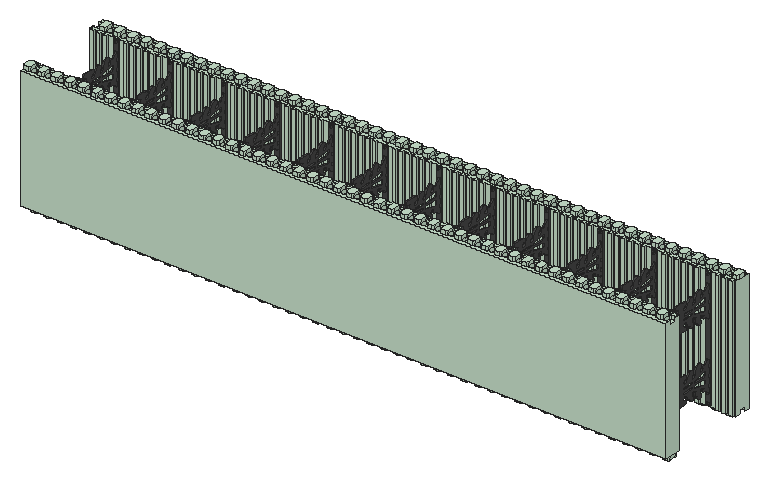
Revit family
Parameters (values of type "Standard 6" Form Unit")
  Core Thickness = 0' - 6"
Reference planes (in)
  plane 1 "Center (Front/Back)": y = 0
  plane 2: z = 0
  plane 3 "Center (Left/Right)": x = 0
  plane 4: x = 96
  plane 5: y = 5
  plane 6: y = -5
  plane 7: y = 7.625
  plane 8: y = -7.625
  plane 9: z = 18
  plane 10: z = 18.5
  plane 11: z = -0.5
Forms (in)
  Extrusion 1, solid, material "NUDURA Expanded Polystyrene Foam Insulation"
    sketch origin (0, 0, 0) x (1, 0, 0) y (0, 1, 0)
      loop
        line (0.28117, 5.25) -> (0.21883, 5) -> (0.78117, 5) -> (0.71883, 5.25) -> (1.28117, 5.25) -> (1.21883, 5) -> (1.78117, 5) -> (1.71883, 5.25) -> (2.28117, 5.25) -> (2.21883, 5) -> (2.78117, 5) -> (2.71883, 5.25) -> (5.28117, 5.25) -> (5.21883, 5) -> (5.78117, 5) -> (5.71883, 5.25) -> (6.28117, 5.25) -> (6.21883, 5) -> (6.78117, 5) -> (6.71883, 5.25) -> (7.28117, 5.25) -> (7.21883, 5) -> (7.78117, 5) -> (7.71883, 5.25) -> (8.28117, 5.25) -> (8.21883, 5) -> (8.78117, 5) -> (8.71883, 5.25) -> (9.28117, 5.25) -> (9.21883, 5) -> (9.78117, 5) -> (9.71883, 5.25) -> (10.28117, 5.25) -> (10.21883, 5) -> (10.78117, 5) -> (10.71883, 5.25) -> (13.28117, 5.25) -> (13.21883, 5) -> (13.78117, 5) -> (13.71883, 5.25) -> (14.28117, 5.25) -> (14.21883, 5) -> (14.78117, 5) -> (14.71883, 5.25) -> (15.28117, 5.25) -> (15.21883, 5) -> (15.78117, 5) -> (15.71883, 5.25) -> (16.28117, 5.25) -> (16.21883, 5) -> (16.78117, 5) -> (16.71883, 5.25) -> (17.28117, 5.25) -> (17.21883, 5) -> (17.78117, 5) -> (17.71883, 5.25) -> (18.28117, 5.25) -> (18.21883, 5) -> (18.78117, 5) -> (18.71883, 5.25) -> (21.28117, 5.25) -> (21.21883, 5) -> (21.78117, 5) -> (21.71883, 5.25) -> (22.28117, 5.25) -> (22.21883, 5) -> (22.78117, 5) -> (22.71883, 5.25) -> (23.28117, 5.25) -> (23.21883, 5) -> (23.78117, 5) -> (23.71883, 5.25) -> (24.28117, 5.25) -> (24.21883, 5) -> (24.78117, 5) -> (24.71883, 5.25) -> (25.28117, 5.25) -> (25.21883, 5) -> (25.78117, 5) -> (25.71883, 5.25) -> (26.28117, 5.25) -> (26.21883, 5) -> (26.78117, 5) -> (26.71883, 5.25) -> (29.28117, 5.25) -> (29.21883, 5) -> (29.78117, 5) -> (29.71883, 5.25) -> (30.28117, 5.25) -> (30.21883, 5) -> (30.78117, 5) -> (30.71883, 5.25) -> (31.28117, 5.25) -> (31.21883, 5) -> (31.78117, 5) -> (31.71883, 5.25) -> (32.28117, 5.25) -> (32.21883, 5) -> (32.78117, 5) -> (32.71883, 5.25) -> (33.28117, 5.25) -> (33.21883, 5) -> (33.78117, 5) -> (33.71883, 5.25) -> (34.28117, 5.25) -> (34.21883, 5) -> (34.78117, 5) -> (34.71883, 5.25) -> (37.28117, 5.25) -> (37.21883, 5) -> (37.78117, 5) -> (37.71883, 5.25) -> (38.28117, 5.25) -> (38.21883, 5) -> (38.78117, 5) -> (38.71883, 5.25) -> (39.28117, 5.25) -> (39.21883, 5) -> (39.78117, 5) -> (39.71883, 5.25) -> (40.28117, 5.25) -> (40.21883, 5) -> (40.78117, 5) -> (40.71883, 5.25) -> (41.28117, 5.25) -> (41.21883, 5) -> (41.78117, 5) -> (41.71883, 5.25) -> (42.28117, 5.25) -> (42.21883, 5) -> (42.78117, 5) -> (42.71883, 5.25) -> (45.28117, 5.25) -> (45.21883, 5) -> (45.78117, 5) -> (45.71883, 5.25) -> (46.28117, 5.25) -> (46.21883, 5) -> (46.78117, 5) -> (46.71883, 5.25) -> (47.28117, 5.25) -> (47.21883, 5) -> (47.78117, 5) -> (47.71883, 5.25) -> (48.28117, 5.25) -> (48.21883, 5) -> (48.78117, 5) -> (48.71883, 5.25) -> (49.28117, 5.25) -> (49.21883, 5) -> (49.78117, 5) -> (49.71883, 5.25) -> (50.28117, 5.25) -> (50.21883, 5) -> (50.78117, 5) -> (50.71883, 5.25) -> (53.28117, 5.25) -> (53.21883, 5) -> (53.78117, 5) -> (53.71883, 5.25) -> (54.28117, 5.25) -> (54.21883, 5) -> (54.78117, 5) -> (54.71883, 5.25) -> (55.28117, 5.25) -> (55.21883, 5) -> (55.78117, 5) -> (55.71883, 5.25) -> (56.28117, 5.25) -> (56.21883, 5) -> (56.78117, 5) -> (56.71883, 5.25) -> (57.28117, 5.25) -> (57.21883, 5) -> (57.78117, 5) -> (57.71883, 5.25) -> (58.28117, 5.25) -> (58.21883, 5) -> (58.78117, 5) -> (58.71883, 5.25) -> (61.28117, 5.25) -> (61.21883, 5) -> (61.78117, 5) -> (61.71883, 5.25) -> (62.28117, 5.25) -> (62.21883, 5) -> (62.78117, 5) -> (62.71883, 5.25) -> (63.28117, 5.25) -> (63.21883, 5) -> (63.78117, 5) -> (63.71883, 5.25) -> (64.28117, 5.25) -> (64.21883, 5) -> (64.78117, 5) -> (64.71883, 5.25) -> (65.28117, 5.25) -> (65.21883, 5) -> (65.78117, 5) -> (65.71883, 5.25) -> (66.28117, 5.25) -> (66.21883, 5) -> (66.78117, 5) -> (66.71883, 5.25) -> (69.28117, 5.25) -> (69.21883, 5) -> (69.78117, 5) -> (69.71883, 5.25) -> (70.28117, 5.25) -> (70.21883, 5) -> (70.78117, 5) -> (70.71883, 5.25) -> (71.28117, 5.25) -> (71.21883, 5) -> (71.78117, 5) -> (71.71883, 5.25) -> (72.28117, 5.25) -> (72.21883, 5) -> (72.78117, 5) -> (72.71883, 5.25) -> (73.28117, 5.25) -> (73.21883, 5) -> (73.78117, 5) -> (73.71883, 5.25) -> (74.28117, 5.25) -> (74.21883, 5) -> (74.78117, 5) -> (74.71883, 5.25) -> (77.28117, 5.25) -> (77.21883, 5) -> (77.78117, 5) -> (77.71883, 5.25) -> (78.28117, 5.25) -> (78.21883, 5) -> (78.78117, 5) -> (78.71883, 5.25) -> (79.28117, 5.25) -> (79.21883, 5) -> (79.78117, 5) -> (79.71883, 5.25) -> (80.28117, 5.25) -> (80.21883, 5) -> (80.78117, 5) -> (80.71883, 5.25) -> (81.28117, 5.25) -> (81.21883, 5) -> (81.78117, 5) -> (81.71883, 5.25) -> (82.28117, 5.25) -> (82.21883, 5) -> (82.78117, 5) -> (82.71883, 5.25) -> (85.28117, 5.25) -> (85.21883, 5) -> (85.78117, 5) -> (85.71883, 5.25) -> (86.28117, 5.25) -> (86.21883, 5) -> (86.78117, 5) -> (86.71883, 5.25) -> (87.28117, 5.25) -> (87.21883, 5) -> (87.78117, 5) -> (87.71883, 5.25) -> (88.28117, 5.25) -> (88.21883, 5) -> (88.78117, 5) -> (88.71883, 5.25) -> (89.28117, 5.25) -> (89.21883, 5) -> (89.78117, 5) -> (89.71883, 5.25) -> (90.28117, 5.25) -> (90.21883, 5) -> (90.78117, 5) -> (90.71883, 5.25) -> (93.28117, 5.25) -> (93.21883, 5) -> (93.78117, 5) -> (93.71883, 5.25) -> (94.28117, 5.25) -> (94.21883, 5) -> (94.78117, 5) -> (94.71883, 5.25) -> (95.28117, 5.25) -> (95.21883, 5) -> (95.78117, 5) -> (95.71883, 5.25) -> (96, 5.25) -> (96, 7.625) -> (0, 7.625) -> (0, 5.25) -> (0.28117, 5.25)
      loop
        line (0.28117, -5.25) -> (0, -5.25) -> (0, -7.625) -> (96, -7.625) -> (96, -5.25) -> (95.71883, -5.25) -> (95.78117, -5) -> (95.21883, -5) -> (95.28117, -5.25) -> (94.71883, -5.25) -> (94.78117, -5) -> (94.21883, -5) -> (94.28117, -5.25) -> (93.71883, -5.25) -> (93.78117, -5) -> (93.21883, -5) -> (93.28117, -5.25) -> (90.71883, -5.25) -> (90.78117, -5) -> (90.21883, -5) -> (90.28117, -5.25) -> (89.71883, -5.25) -> (89.78117, -5) -> (89.21883, -5) -> (89.28117, -5.25) -> (88.71883, -5.25) -> (88.78117, -5) -> (88.21883, -5) -> (88.28117, -5.25) -> (87.71883, -5.25) -> (87.78117, -5) -> (87.21883, -5) -> (87.28117, -5.25) -> (86.71883, -5.25) -> (86.78117, -5) -> (86.21883, -5) -> (86.28117, -5.25) -> (85.71883, -5.25) -> (85.78117, -5) -> (85.21883, -5) -> (85.28117, -5.25) -> (82.71883, -5.25) -> (82.78117, -5) -> (82.21883, -5) -> (82.28117, -5.25) -> (81.71883, -5.25) -> (81.78117, -5) -> (81.21883, -5) -> (81.28117, -5.25) -> (80.71883, -5.25) -> (80.78117, -5) -> (80.21883, -5) -> (80.28117, -5.25) -> (79.71883, -5.25) -> (79.78117, -5) -> (79.21883, -5) -> (79.28117, -5.25) -> (78.71883, -5.25) -> (78.78117, -5) -> (78.21883, -5) -> (78.28117, -5.25) -> (77.71883, -5.25) -> (77.78117, -5) -> (77.21883, -5) -> (77.28117, -5.25) -> (74.71883, -5.25) -> (74.78117, -5) -> (74.21883, -5) -> (74.28117, -5.25) -> (73.71883, -5.25) -> (73.78117, -5) -> (73.21883, -5) -> (73.28117, -5.25) -> (72.71883, -5.25) -> (72.78117, -5) -> (72.21883, -5) -> (72.28117, -5.25) -> (71.71883, -5.25) -> (71.78117, -5) -> (71.21883, -5) -> (71.28117, -5.25) -> (70.71883, -5.25) -> (70.78117, -5) -> (70.21883, -5) -> (70.28117, -5.25) -> (69.71883, -5.25) -> (69.78117, -5) -> (69.21883, -5) -> (69.28117, -5.25) -> (66.71883, -5.25) -> (66.78117, -5) -> (66.21883, -5) -> (66.28117, -5.25) -> (65.71883, -5.25) -> (65.78117, -5) -> (65.21883, -5) -> (65.28117, -5.25) -> (64.71883, -5.25) -> (64.78117, -5) -> (64.21883, -5) -> (64.28117, -5.25) -> (63.71883, -5.25) -> (63.78117, -5) -> (63.21883, -5) -> (63.28117, -5.25) -> (62.71883, -5.25) -> (62.78117, -5) -> (62.21883, -5) -> (62.28117, -5.25) -> (61.71883, -5.25) -> (61.78117, -5) -> (61.21883, -5) -> (61.28117, -5.25) -> (58.71883, -5.25) -> (58.78117, -5) -> (58.21883, -5) -> (58.28117, -5.25) -> (57.71883, -5.25) -> (57.78117, -5) -> (57.21883, -5) -> (57.28117, -5.25) -> (56.71883, -5.25) -> (56.78117, -5) -> (56.21883, -5) -> (56.28117, -5.25) -> (55.71883, -5.25) -> (55.78117, -5) -> (55.21883, -5) -> (55.28117, -5.25) -> (54.71883, -5.25) -> (54.78117, -5) -> (54.21883, -5) -> (54.28117, -5.25) -> (53.71883, -5.25) -> (53.78117, -5) -> (53.21883, -5) -> (53.28117, -5.25) -> (50.71883, -5.25) -> (50.78117, -5) -> (50.21883, -5) -> (50.28117, -5.25) -> (49.71883, -5.25) -> (49.78117, -5) -> (49.21883, -5) -> (49.28117, -5.25) -> (48.71883, -5.25) -> (48.78117, -5) -> (48.21883, -5) -> (48.28117, -5.25) -> (47.71883, -5.25) -> (47.78117, -5) -> (47.21883, -5) -> (47.28117, -5.25) -> (46.71883, -5.25) -> (46.78117, -5) -> (46.21883, -5) -> (46.28117, -5.25) -> (45.71883, -5.25) -> (45.78117, -5) -> (45.21883, -5) -> (45.28117, -5.25) -> (42.71883, -5.25) -> (42.78117, -5) -> (42.21883, -5) -> (42.28117, -5.25) -> (41.71883, -5.25) -> (41.78117, -5) -> (41.21883, -5) -> (41.28117, -5.25) -> (40.71883, -5.25) -> (40.78117, -5) -> (40.21883, -5) -> (40.28117, -5.25) -> (39.71883, -5.25) -> (39.78117, -5) -> (39.21883, -5) -> (39.28117, -5.25) -> (38.71883, -5.25) -> (38.78117, -5) -> (38.21883, -5) -> (38.28117, -5.25) -> (37.71883, -5.25) -> (37.78117, -5) -> (37.21883, -5) -> (37.28117, -5.25) -> (34.71883, -5.25) -> (34.78117, -5) -> (34.21883, -5) -> (34.28117, -5.25) -> (33.71883, -5.25) -> (33.78117, -5) -> (33.21883, -5) -> (33.28117, -5.25) -> (32.71883, -5.25) -> (32.78117, -5) -> (32.21883, -5) -> (32.28117, -5.25) -> (31.71883, -5.25) -> (31.78117, -5) -> (31.21883, -5) -> (31.28117, -5.25) -> (30.71883, -5.25) -> (30.78117, -5) -> (30.21883, -5) -> (30.28117, -5.25) -> (29.71883, -5.25) -> (29.78117, -5) -> (29.21883, -5) -> (29.28117, -5.25) -> (26.71883, -5.25) -> (26.78117, -5) -> (26.21883, -5) -> (26.28117, -5.25) -> (25.71883, -5.25) -> (25.78117, -5) -> (25.21883, -5) -> (25.28117, -5.25) -> (24.71883, -5.25) -> (24.78117, -5) -> (24.21883, -5) -> (24.28117, -5.25) -> (23.71883, -5.25) -> (23.78117, -5) -> (23.21883, -5) -> (23.28117, -5.25) -> (22.71883, -5.25) -> (22.78117, -5) -> (22.21883, -5) -> (22.28117, -5.25) -> (21.71883, -5.25) -> (21.78117, -5) -> (21.21883, -5) -> (21.28117, -5.25) -> (18.71883, -5.25) -> (18.78117, -5) -> (18.21883, -5) -> (18.28117, -5.25) -> (17.71883, -5.25) -> (17.78117, -5) -> (17.21883, -5) -> (17.28117, -5.25) -> (16.71883, -5.25) -> (16.78117, -5) -> (16.21883, -5) -> (16.28117, -5.25) -> (15.71883, -5.25) -> (15.78117, -5) -> (15.21883, -5) -> (15.28117, -5.25) -> (14.71883, -5.25) -> (14.78117, -5) -> (14.21883, -5) -> (14.28117, -5.25) -> (13.71883, -5.25) -> (13.78117, -5) -> (13.21883, -5) -> (13.28117, -5.25) -> (10.71883, -5.25) -> (10.78117, -5) -> (10.21883, -5) -> (10.28117, -5.25) -> (9.71883, -5.25) -> (9.78117, -5) -> (9.21883, -5) -> (9.28117, -5.25) -> (8.71883, -5.25) -> (8.78117, -5) -> (8.21883, -5) -> (8.28117, -5.25) -> (7.71883, -5.25) -> (7.78117, -5) -> (7.21883, -5) -> (7.28117, -5.25) -> (6.71883, -5.25) -> (6.78117, -5) -> (6.21883, -5) -> (6.28117, -5.25) -> (5.71883, -5.25) -> (5.78117, -5) -> (5.21883, -5) -> (5.28117, -5.25) -> (2.71883, -5.25) -> (2.78117, -5) -> (2.21883, -5) -> (2.28117, -5.25) -> (1.71883, -5.25) -> (1.78117, -5) -> (1.21883, -5) -> (1.28117, -5.25) -> (0.71883, -5.25) -> (0.78117, -5) -> (0.21883, -5) -> (0.28117, -5.25)
    from 0 to 18
  Extrusion 2, void
    sketch origin (0, -2, 0) x (1, 0, 0) y (0, 1, 0)
      loop
        arc (1, -4.89808) -> (1.04785, -5.04517) -> (1.17308, -5.13595) r 0.25
        arc (1.17308, -5.13595) -> (1.5, -5.1875) -> (1.82692, -5.13595) r 1.0625
        arc (1.82692, -5.13595) -> (1.95215, -5.04517) -> (2, -4.89808) r 0.25
        line (2, -4.89808) -> (2, -3.97692)
        arc (2, -3.97692) -> (1.98276, -3.88568) -> (1.9334, -3.80702) r 0.25
        arc (1.9334, -3.80702) -> (1.92106, -3.78736) -> (1.91675, -3.76455) r 0.0625
        line (1.91675, -3.76455) -> (1.91675, -3.41845) -> (1.74592, -3.41845) -> (1.74592, -3.64005)
        arc (1.74592, -3.64005) -> (1.72385, -3.68771) -> (1.67323, -3.70172) r 0.0625
        arc (1.67323, -3.70172) -> (1.42092, -3.69045) -> (1.17308, -3.73905) r 1.0625
        arc (1.17308, -3.73905) -> (1.04785, -3.82983) -> (1, -3.97692) r 0.25
        line (1, -3.97692) -> (1, -4.89808)
    from 18 to 17.5
  Extrusion 3, void
    sketch origin (2, -2, 0) x (1, 0, 0) y (0, 1, 0)
      loop
        arc (1, -4.89808) -> (1.04785, -5.04517) -> (1.17308, -5.13595) r 0.25
        arc (1.17308, -5.13595) -> (1.5, -5.1875) -> (1.82692, -5.13595) r 1.0625
        arc (1.82692, -5.13595) -> (1.95215, -5.04517) -> (2, -4.89808) r 0.25
        line (2, -4.89808) -> (2, -3.97692)
        arc (2, -3.97692) -> (1.98276, -3.88568) -> (1.9334, -3.80702) r 0.25
        arc (1.9334, -3.80702) -> (1.92106, -3.78736) -> (1.91675, -3.76455) r 0.0625
        line (1.91675, -3.76455) -> (1.91675, -3.41845) -> (1.74592, -3.41845) -> (1.74592, -3.64005)
        arc (1.74592, -3.64005) -> (1.72385, -3.68771) -> (1.67323, -3.70172) r 0.0625
        arc (1.67323, -3.70172) -> (1.42092, -3.69045) -> (1.17308, -3.73905) r 1.0625
        arc (1.17308, -3.73905) -> (1.04785, -3.82983) -> (1, -3.97692) r 0.25
        line (1, -3.97692) -> (1, -4.89808)
    from 18 to 17.5
  Extrusion 4, void
    sketch origin (4, -2, 0) x (1, 0, 0) y (0, 1, 0)
      loop
        arc (1, -4.89808) -> (1.04785, -5.04517) -> (1.17308, -5.13595) r 0.25
        arc (1.17308, -5.13595) -> (1.5, -5.1875) -> (1.82692, -5.13595) r 1.0625
        arc (1.82692, -5.13595) -> (1.95215, -5.04517) -> (2, -4.89808) r 0.25
        line (2, -4.89808) -> (2, -3.97692)
        arc (2, -3.97692) -> (1.98276, -3.88568) -> (1.9334, -3.80702) r 0.25
        arc (1.9334, -3.80702) -> (1.92106, -3.78736) -> (1.91675, -3.76455) r 0.0625
        line (1.91675, -3.76455) -> (1.91675, -3.41845) -> (1.74592, -3.41845) -> (1.74592, -3.64005)
        arc (1.74592, -3.64005) -> (1.72385, -3.68771) -> (1.67323, -3.70172) r 0.0625
        arc (1.67323, -3.70172) -> (1.42092, -3.69045) -> (1.17308, -3.73905) r 1.0625
        arc (1.17308, -3.73905) -> (1.04785, -3.82983) -> (1, -3.97692) r 0.25
        line (1, -3.97692) -> (1, -4.89808)
    from 18 to 17.5
  Extrusion 5, void
    sketch origin (6, -2, 0) x (1, 0, 0) y (0, 1, 0)
      loop
        arc (1, -4.89808) -> (1.04785, -5.04517) -> (1.17308, -5.13595) r 0.25
        arc (1.17308, -5.13595) -> (1.5, -5.1875) -> (1.82692, -5.13595) r 1.0625
        arc (1.82692, -5.13595) -> (1.95215, -5.04517) -> (2, -4.89808) r 0.25
        line (2, -4.89808) -> (2, -3.97692)
        arc (2, -3.97692) -> (1.98276, -3.88568) -> (1.9334, -3.80702) r 0.25
        arc (1.9334, -3.80702) -> (1.92106, -3.78736) -> (1.91675, -3.76455) r 0.0625
        line (1.91675, -3.76455) -> (1.91675, -3.41845) -> (1.74592, -3.41845) -> (1.74592, -3.64005)
        arc (1.74592, -3.64005) -> (1.72385, -3.68771) -> (1.67323, -3.70172) r 0.0625
        arc (1.67323, -3.70172) -> (1.42092, -3.69045) -> (1.17308, -3.73905) r 1.0625
        arc (1.17308, -3.73905) -> (1.04785, -3.82983) -> (1, -3.97692) r 0.25
        line (1, -3.97692) -> (1, -4.89808)
    from 18 to 17.5
  Extrusion 6, void
    sketch origin (8, -2, 0) x (1, 0, 0) y (0, 1, 0)
      loop
        arc (1, -4.89808) -> (1.04785, -5.04517) -> (1.17308, -5.13595) r 0.25
        arc (1.17308, -5.13595) -> (1.5, -5.1875) -> (1.82692, -5.13595) r 1.0625
        arc (1.82692, -5.13595) -> (1.95215, -5.04517) -> (2, -4.89808) r 0.25
        line (2, -4.89808) -> (2, -3.97692)
        arc (2, -3.97692) -> (1.98276, -3.88568) -> (1.9334, -3.80702) r 0.25
        arc (1.9334, -3.80702) -> (1.92106, -3.78736) -> (1.91675, -3.76455) r 0.0625
        line (1.91675, -3.76455) -> (1.91675, -3.41845) -> (1.74592, -3.41845) -> (1.74592, -3.64005)
        arc (1.74592, -3.64005) -> (1.72385, -3.68771) -> (1.67323, -3.70172) r 0.0625
        arc (1.67323, -3.70172) -> (1.42092, -3.69045) -> (1.17308, -3.73905) r 1.0625
        arc (1.17308, -3.73905) -> (1.04785, -3.82983) -> (1, -3.97692) r 0.25
        line (1, -3.97692) -> (1, -4.89808)
    from 18 to 17.5
  Extrusion 7, void
    sketch origin (10, -2, 0) x (1, 0, 0) y (0, 1, 0)
      loop
        arc (1, -4.89808) -> (1.04785, -5.04517) -> (1.17308, -5.13595) r 0.25
        arc (1.17308, -5.13595) -> (1.5, -5.1875) -> (1.82692, -5.13595) r 1.0625
        arc (1.82692, -5.13595) -> (1.95215, -5.04517) -> (2, -4.89808) r 0.25
        line (2, -4.89808) -> (2, -3.97692)
        arc (2, -3.97692) -> (1.98276, -3.88568) -> (1.9334, -3.80702) r 0.25
        arc (1.9334, -3.80702) -> (1.92106, -3.78736) -> (1.91675, -3.76455) r 0.0625
        line (1.91675, -3.76455) -> (1.91675, -3.41845) -> (1.74592, -3.41845) -> (1.74592, -3.64005)
        arc (1.74592, -3.64005) -> (1.72385, -3.68771) -> (1.67323, -3.70172) r 0.0625
        arc (1.67323, -3.70172) -> (1.42092, -3.69045) -> (1.17308, -3.73905) r 1.0625
        arc (1.17308, -3.73905) -> (1.04785, -3.82983) -> (1, -3.97692) r 0.25
        line (1, -3.97692) -> (1, -4.89808)
    from 18 to 17.5
  Extrusion 8, void
    sketch origin (12, -2, 0) x (1, 0, 0) y (0, 1, 0)
      loop
        arc (1, -4.89808) -> (1.04785, -5.04517) -> (1.17308, -5.13595) r 0.25
        arc (1.17308, -5.13595) -> (1.5, -5.1875) -> (1.82692, -5.13595) r 1.0625
        arc (1.82692, -5.13595) -> (1.95215, -5.04517) -> (2, -4.89808) r 0.25
        line (2, -4.89808) -> (2, -3.97692)
        arc (2, -3.97692) -> (1.98276, -3.88568) -> (1.9334, -3.80702) r 0.25
        arc (1.9334, -3.80702) -> (1.92106, -3.78736) -> (1.91675, -3.76455) r 0.0625
        line (1.91675, -3.76455) -> (1.91675, -3.41845) -> (1.74592, -3.41845) -> (1.74592, -3.64005)
        arc (1.74592, -3.64005) -> (1.72385, -3.68771) -> (1.67323, -3.70172) r 0.0625
        arc (1.67323, -3.70172) -> (1.42092, -3.69045) -> (1.17308, -3.73905) r 1.0625
        arc (1.17308, -3.73905) -> (1.04785, -3.82983) -> (1, -3.97692) r 0.25
        line (1, -3.97692) -> (1, -4.89808)
    from 18 to 17.5
  Extrusion 9, void
    sketch origin (14, -2, 0) x (1, 0, 0) y (0, 1, 0)
      loop
        arc (1, -4.89808) -> (1.04785, -5.04517) -> (1.17308, -5.13595) r 0.25
        arc (1.17308, -5.13595) -> (1.5, -5.1875) -> (1.82692, -5.13595) r 1.0625
        arc (1.82692, -5.13595) -> (1.95215, -5.04517) -> (2, -4.89808) r 0.25
        line (2, -4.89808) -> (2, -3.97692)
        arc (2, -3.97692) -> (1.98276, -3.88568) -> (1.9334, -3.80702) r 0.25
        arc (1.9334, -3.80702) -> (1.92106, -3.78736) -> (1.91675, -3.76455) r 0.0625
        line (1.91675, -3.76455) -> (1.91675, -3.41845) -> (1.74592, -3.41845) -> (1.74592, -3.64005)
        arc (1.74592, -3.64005) -> (1.72385, -3.68771) -> (1.67323, -3.70172) r 0.0625
        arc (1.67323, -3.70172) -> (1.42092, -3.69045) -> (1.17308, -3.73905) r 1.0625
        arc (1.17308, -3.73905) -> (1.04785, -3.82983) -> (1, -3.97692) r 0.25
        line (1, -3.97692) -> (1, -4.89808)
    from 18 to 17.5
  Extrusion 10, void
    sketch origin (16, -2, 0) x (1, 0, 0) y (0, 1, 0)
      loop
        arc (1, -4.89808) -> (1.04785, -5.04517) -> (1.17308, -5.13595) r 0.25
        arc (1.17308, -5.13595) -> (1.5, -5.1875) -> (1.82692, -5.13595) r 1.0625
        arc (1.82692, -5.13595) -> (1.95215, -5.04517) -> (2, -4.89808) r 0.25
        line (2, -4.89808) -> (2, -3.97692)
        arc (2, -3.97692) -> (1.98276, -3.88568) -> (1.9334, -3.80702) r 0.25
        arc (1.9334, -3.80702) -> (1.92106, -3.78736) -> (1.91675, -3.76455) r 0.0625
        line (1.91675, -3.76455) -> (1.91675, -3.41845) -> (1.74592, -3.41845) -> (1.74592, -3.64005)
        arc (1.74592, -3.64005) -> (1.72385, -3.68771) -> (1.67323, -3.70172) r 0.0625
        arc (1.67323, -3.70172) -> (1.42092, -3.69045) -> (1.17308, -3.73905) r 1.0625
        arc (1.17308, -3.73905) -> (1.04785, -3.82983) -> (1, -3.97692) r 0.25
        line (1, -3.97692) -> (1, -4.89808)
    from 18 to 17.5
  Extrusion 11, void
    sketch origin (18, -2, 0) x (1, 0, 0) y (0, 1, 0)
      loop
        arc (1, -4.89808) -> (1.04785, -5.04517) -> (1.17308, -5.13595) r 0.25
        arc (1.17308, -5.13595) -> (1.5, -5.1875) -> (1.82692, -5.13595) r 1.0625
        arc (1.82692, -5.13595) -> (1.95215, -5.04517) -> (2, -4.89808) r 0.25
        line (2, -4.89808) -> (2, -3.97692)
        arc (2, -3.97692) -> (1.98276, -3.88568) -> (1.9334, -3.80702) r 0.25
        arc (1.9334, -3.80702) -> (1.92106, -3.78736) -> (1.91675, -3.76455) r 0.0625
        line (1.91675, -3.76455) -> (1.91675, -3.41845) -> (1.74592, -3.41845) -> (1.74592, -3.64005)
        arc (1.74592, -3.64005) -> (1.72385, -3.68771) -> (1.67323, -3.70172) r 0.0625
        arc (1.67323, -3.70172) -> (1.42092, -3.69045) -> (1.17308, -3.73905) r 1.0625
        arc (1.17308, -3.73905) -> (1.04785, -3.82983) -> (1, -3.97692) r 0.25
        line (1, -3.97692) -> (1, -4.89808)
    from 18 to 17.5
  Extrusion 12, void
    sketch origin (20, -2, 0) x (1, 0, 0) y (0, 1, 0)
      loop
        arc (1, -4.89808) -> (1.04785, -5.04517) -> (1.17308, -5.13595) r 0.25
        arc (1.17308, -5.13595) -> (1.5, -5.1875) -> (1.82692, -5.13595) r 1.0625
        arc (1.82692, -5.13595) -> (1.95215, -5.04517) -> (2, -4.89808) r 0.25
        line (2, -4.89808) -> (2, -3.97692)
        arc (2, -3.97692) -> (1.98276, -3.88568) -> (1.9334, -3.80702) r 0.25
        arc (1.9334, -3.80702) -> (1.92106, -3.78736) -> (1.91675, -3.76455) r 0.0625
        line (1.91675, -3.76455) -> (1.91675, -3.41845) -> (1.74592, -3.41845) -> (1.74592, -3.64005)
        arc (1.74592, -3.64005) -> (1.72385, -3.68771) -> (1.67323, -3.70172) r 0.0625
        arc (1.67323, -3.70172) -> (1.42092, -3.69045) -> (1.17308, -3.73905) r 1.0625
        arc (1.17308, -3.73905) -> (1.04785, -3.82983) -> (1, -3.97692) r 0.25
        line (1, -3.97692) -> (1, -4.89808)
    from 18 to 17.5
  Extrusion 13, void
    sketch origin (22, -2, 0) x (1, 0, 0) y (0, 1, 0)
      loop
        arc (1, -4.89808) -> (1.04785, -5.04517) -> (1.17308, -5.13595) r 0.25
        arc (1.17308, -5.13595) -> (1.5, -5.1875) -> (1.82692, -5.13595) r 1.0625
        arc (1.82692, -5.13595) -> (1.95215, -5.04517) -> (2, -4.89808) r 0.25
        line (2, -4.89808) -> (2, -3.97692)
        arc (2, -3.97692) -> (1.98276, -3.88568) -> (1.9334, -3.80702) r 0.25
        arc (1.9334, -3.80702) -> (1.92106, -3.78736) -> (1.91675, -3.76455) r 0.0625
        line (1.91675, -3.76455) -> (1.91675, -3.41845) -> (1.74592, -3.41845) -> (1.74592, -3.64005)
        arc (1.74592, -3.64005) -> (1.72385, -3.68771) -> (1.67323, -3.70172) r 0.0625
        arc (1.67323, -3.70172) -> (1.42092, -3.69045) -> (1.17308, -3.73905) r 1.0625
        arc (1.17308, -3.73905) -> (1.04785, -3.82983) -> (1, -3.97692) r 0.25
        line (1, -3.97692) -> (1, -4.89808)
    from 18 to 17.5
  Extrusion 14, void
    sketch origin (24, -2, 0) x (1, 0, 0) y (0, 1, 0)
      loop
        arc (1, -4.89808) -> (1.04785, -5.04517) -> (1.17308, -5.13595) r 0.25
        arc (1.17308, -5.13595) -> (1.5, -5.1875) -> (1.82692, -5.13595) r 1.0625
        arc (1.82692, -5.13595) -> (1.95215, -5.04517) -> (2, -4.89808) r 0.25
        line (2, -4.89808) -> (2, -3.97692)
        arc (2, -3.97692) -> (1.98276, -3.88568) -> (1.9334, -3.80702) r 0.25
        arc (1.9334, -3.80702) -> (1.92106, -3.78736) -> (1.91675, -3.76455) r 0.0625
        line (1.91675, -3.76455) -> (1.91675, -3.41845) -> (1.74592, -3.41845) -> (1.74592, -3.64005)
        arc (1.74592, -3.64005) -> (1.72385, -3.68771) -> (1.67323, -3.70172) r 0.0625
        arc (1.67323, -3.70172) -> (1.42092, -3.69045) -> (1.17308, -3.73905) r 1.0625
        arc (1.17308, -3.73905) -> (1.04785, -3.82983) -> (1, -3.97692) r 0.25
        line (1, -3.97692) -> (1, -4.89808)
    from 18 to 17.5
  Extrusion 15, void
    sketch origin (26, -2, 0) x (1, 0, 0) y (0, 1, 0)
      loop
        arc (1, -4.89808) -> (1.04785, -5.04517) -> (1.17308, -5.13595) r 0.25
        arc (1.17308, -5.13595) -> (1.5, -5.1875) -> (1.82692, -5.13595) r 1.0625
        arc (1.82692, -5.13595) -> (1.95215, -5.04517) -> (2, -4.89808) r 0.25
        line (2, -4.89808) -> (2, -3.97692)
        arc (2, -3.97692) -> (1.98276, -3.88568) -> (1.9334, -3.80702) r 0.25
        arc (1.9334, -3.80702) -> (1.92106, -3.78736) -> (1.91675, -3.76455) r 0.0625
        line (1.91675, -3.76455) -> (1.91675, -3.41845) -> (1.74592, -3.41845) -> (1.74592, -3.64005)
        arc (1.74592, -3.64005) -> (1.72385, -3.68771) -> (1.67323, -3.70172) r 0.0625
        arc (1.67323, -3.70172) -> (1.42092, -3.69045) -> (1.17308, -3.73905) r 1.0625
        arc (1.17308, -3.73905) -> (1.04785, -3.82983) -> (1, -3.97692) r 0.25
        line (1, -3.97692) -> (1, -4.89808)
    from 18 to 17.5
  Extrusion 16, void
    sketch origin (28, -2, 0) x (1, 0, 0) y (0, 1, 0)
      loop
        arc (1, -4.89808) -> (1.04785, -5.04517) -> (1.17308, -5.13595) r 0.25
        arc (1.17308, -5.13595) -> (1.5, -5.1875) -> (1.82692, -5.13595) r 1.0625
        arc (1.82692, -5.13595) -> (1.95215, -5.04517) -> (2, -4.89808) r 0.25
        line (2, -4.89808) -> (2, -3.97692)
        arc (2, -3.97692) -> (1.98276, -3.88568) -> (1.9334, -3.80702) r 0.25
        arc (1.9334, -3.80702) -> (1.92106, -3.78736) -> (1.91675, -3.76455) r 0.0625
        line (1.91675, -3.76455) -> (1.91675, -3.41845) -> (1.74592, -3.41845) -> (1.74592, -3.64005)
        arc (1.74592, -3.64005) -> (1.72385, -3.68771) -> (1.67323, -3.70172) r 0.0625
        arc (1.67323, -3.70172) -> (1.42092, -3.69045) -> (1.17308, -3.73905) r 1.0625
        arc (1.17308, -3.73905) -> (1.04785, -3.82983) -> (1, -3.97692) r 0.25
        line (1, -3.97692) -> (1, -4.89808)
    from 18 to 17.5
  Extrusion 17, void
    sketch origin (30, -2, 0) x (1, 0, 0) y (0, 1, 0)
      loop
        arc (1, -4.89808) -> (1.04785, -5.04517) -> (1.17308, -5.13595) r 0.25
        arc (1.17308, -5.13595) -> (1.5, -5.1875) -> (1.82692, -5.13595) r 1.0625
        arc (1.82692, -5.13595) -> (1.95215, -5.04517) -> (2, -4.89808) r 0.25
        line (2, -4.89808) -> (2, -3.97692)
        arc (2, -3.97692) -> (1.98276, -3.88568) -> (1.9334, -3.80702) r 0.25
        arc (1.9334, -3.80702) -> (1.92106, -3.78736) -> (1.91675, -3.76455) r 0.0625
        line (1.91675, -3.76455) -> (1.91675, -3.41845) -> (1.74592, -3.41845) -> (1.74592, -3.64005)
        arc (1.74592, -3.64005) -> (1.72385, -3.68771) -> (1.67323, -3.70172) r 0.0625
        arc (1.67323, -3.70172) -> (1.42092, -3.69045) -> (1.17308, -3.73905) r 1.0625
        arc (1.17308, -3.73905) -> (1.04785, -3.82983) -> (1, -3.97692) r 0.25
        line (1, -3.97692) -> (1, -4.89808)
    from 18 to 17.5
  Extrusion 18, void
    sketch origin (32, -2, 0) x (1, 0, 0) y (0, 1, 0)
      loop
        arc (1, -4.89808) -> (1.04785, -5.04517) -> (1.17308, -5.13595) r 0.25
        arc (1.17308, -5.13595) -> (1.5, -5.1875) -> (1.82692, -5.13595) r 1.0625
        arc (1.82692, -5.13595) -> (1.95215, -5.04517) -> (2, -4.89808) r 0.25
        line (2, -4.89808) -> (2, -3.97692)
        arc (2, -3.97692) -> (1.98276, -3.88568) -> (1.9334, -3.80702) r 0.25
        arc (1.9334, -3.80702) -> (1.92106, -3.78736) -> (1.91675, -3.76455) r 0.0625
        line (1.91675, -3.76455) -> (1.91675, -3.41845) -> (1.74592, -3.41845) -> (1.74592, -3.64005)
        arc (1.74592, -3.64005) -> (1.72385, -3.68771) -> (1.67323, -3.70172) r 0.0625
        arc (1.67323, -3.70172) -> (1.42092, -3.69045) -> (1.17308, -3.73905) r 1.0625
        arc (1.17308, -3.73905) -> (1.04785, -3.82983) -> (1, -3.97692) r 0.25
        line (1, -3.97692) -> (1, -4.89808)
    from 18 to 17.5
  Extrusion 19, void
    sketch origin (34, -2, 0) x (1, 0, 0) y (0, 1, 0)
      loop
        arc (1, -4.89808) -> (1.04785, -5.04517) -> (1.17308, -5.13595) r 0.25
        arc (1.17308, -5.13595) -> (1.5, -5.1875) -> (1.82692, -5.13595) r 1.0625
        arc (1.82692, -5.13595) -> (1.95215, -5.04517) -> (2, -4.89808) r 0.25
        line (2, -4.89808) -> (2, -3.97692)
        arc (2, -3.97692) -> (1.98276, -3.88568) -> (1.9334, -3.80702) r 0.25
        arc (1.9334, -3.80702) -> (1.92106, -3.78736) -> (1.91675, -3.76455) r 0.0625
        line (1.91675, -3.76455) -> (1.91675, -3.41845) -> (1.74592, -3.41845) -> (1.74592, -3.64005)
        arc (1.74592, -3.64005) -> (1.72385, -3.68771) -> (1.67323, -3.70172) r 0.0625
        arc (1.67323, -3.70172) -> (1.42092, -3.69045) -> (1.17308, -3.73905) r 1.0625
        arc (1.17308, -3.73905) -> (1.04785, -3.82983) -> (1, -3.97692) r 0.25
        line (1, -3.97692) -> (1, -4.89808)
    from 18 to 17.5
  Extrusion 20, void
    sketch origin (36, -2, 0) x (1, 0, 0) y (0, 1, 0)
      loop
        arc (1, -4.89808) -> (1.04785, -5.04517) -> (1.17308, -5.13595) r 0.25
        arc (1.17308, -5.13595) -> (1.5, -5.1875) -> (1.82692, -5.13595) r 1.0625
        arc (1.82692, -5.13595) -> (1.95215, -5.04517) -> (2, -4.89808) r 0.25
        line (2, -4.89808) -> (2, -3.97692)
        arc (2, -3.97692) -> (1.98276, -3.88568) -> (1.9334, -3.80702) r 0.25
        arc (1.9334, -3.80702) -> (1.92106, -3.78736) -> (1.91675, -3.76455) r 0.0625
        line (1.91675, -3.76455) -> (1.91675, -3.41845) -> (1.74592, -3.41845) -> (1.74592, -3.64005)
        arc (1.74592, -3.64005) -> (1.72385, -3.68771) -> (1.67323, -3.70172) r 0.0625
        arc (1.67323, -3.70172) -> (1.42092, -3.69045) -> (1.17308, -3.73905) r 1.0625
        arc (1.17308, -3.73905) -> (1.04785, -3.82983) -> (1, -3.97692) r 0.25
        line (1, -3.97692) -> (1, -4.89808)
    from 18 to 17.5
  Extrusion 21, void
    sketch origin (38, -2, 0) x (1, 0, 0) y (0, 1, 0)
      loop
        arc (1, -4.89808) -> (1.04785, -5.04517) -> (1.17308, -5.13595) r 0.25
        arc (1.17308, -5.13595) -> (1.5, -5.1875) -> (1.82692, -5.13595) r 1.0625
        arc (1.82692, -5.13595) -> (1.95215, -5.04517) -> (2, -4.89808) r 0.25
        line (2, -4.89808) -> (2, -3.97692)
        arc (2, -3.97692) -> (1.98276, -3.88568) -> (1.9334, -3.80702) r 0.25
        arc (1.9334, -3.80702) -> (1.92106, -3.78736) -> (1.91675, -3.76455) r 0.0625
        line (1.91675, -3.76455) -> (1.91675, -3.41845) -> (1.74592, -3.41845) -> (1.74592, -3.64005)
        arc (1.74592, -3.64005) -> (1.72385, -3.68771) -> (1.67323, -3.70172) r 0.0625
        arc (1.67323, -3.70172) -> (1.42092, -3.69045) -> (1.17308, -3.73905) r 1.0625
        arc (1.17308, -3.73905) -> (1.04785, -3.82983) -> (1, -3.97692) r 0.25
        line (1, -3.97692) -> (1, -4.89808)
    from 18 to 17.5
  Extrusion 22, void
    sketch origin (40, -2, 0) x (1, 0, 0) y (0, 1, 0)
      loop
        arc (1, -4.89808) -> (1.04785, -5.04517) -> (1.17308, -5.13595) r 0.25
        arc (1.17308, -5.13595) -> (1.5, -5.1875) -> (1.82692, -5.13595) r 1.0625
        arc (1.82692, -5.13595) -> (1.95215, -5.04517) -> (2, -4.89808) r 0.25
        line (2, -4.89808) -> (2, -3.97692)
        arc (2, -3.97692) -> (1.98276, -3.88568) -> (1.9334, -3.80702) r 0.25
        arc (1.9334, -3.80702) -> (1.92106, -3.78736) -> (1.91675, -3.76455) r 0.0625
        line (1.91675, -3.76455) -> (1.91675, -3.41845) -> (1.74592, -3.41845) -> (1.74592, -3.64005)
        arc (1.74592, -3.64005) -> (1.72385, -3.68771) -> (1.67323, -3.70172) r 0.0625
        arc (1.67323, -3.70172) -> (1.42092, -3.69045) -> (1.17308, -3.73905) r 1.0625
        arc (1.17308, -3.73905) -> (1.04785, -3.82983) -> (1, -3.97692) r 0.25
        line (1, -3.97692) -> (1, -4.89808)
    from 18 to 17.5
  Extrusion 23, void
    sketch origin (42, -2, 0) x (1, 0, 0) y (0, 1, 0)
      loop
        arc (1, -4.89808) -> (1.04785, -5.04517) -> (1.17308, -5.13595) r 0.25
        arc (1.17308, -5.13595) -> (1.5, -5.1875) -> (1.82692, -5.13595) r 1.0625
        arc (1.82692, -5.13595) -> (1.95215, -5.04517) -> (2, -4.89808) r 0.25
        line (2, -4.89808) -> (2, -3.97692)
        arc (2, -3.97692) -> (1.98276, -3.88568) -> (1.9334, -3.80702) r 0.25
        arc (1.9334, -3.80702) -> (1.92106, -3.78736) -> (1.91675, -3.76455) r 0.0625
        line (1.91675, -3.76455) -> (1.91675, -3.41845) -> (1.74592, -3.41845) -> (1.74592, -3.64005)
        arc (1.74592, -3.64005) -> (1.72385, -3.68771) -> (1.67323, -3.70172) r 0.0625
        arc (1.67323, -3.70172) -> (1.42092, -3.69045) -> (1.17308, -3.73905) r 1.0625
        arc (1.17308, -3.73905) -> (1.04785, -3.82983) -> (1, -3.97692) r 0.25
        line (1, -3.97692) -> (1, -4.89808)
    from 18 to 17.5
  Extrusion 24, void
    sketch origin (44, -2, 0) x (1, 0, 0) y (0, 1, 0)
      loop
        arc (1, -4.89808) -> (1.04785, -5.04517) -> (1.17308, -5.13595) r 0.25
        arc (1.17308, -5.13595) -> (1.5, -5.1875) -> (1.82692, -5.13595) r 1.0625
        arc (1.82692, -5.13595) -> (1.95215, -5.04517) -> (2, -4.89808) r 0.25
        line (2, -4.89808) -> (2, -3.97692)
        arc (2, -3.97692) -> (1.98276, -3.88568) -> (1.9334, -3.80702) r 0.25
        arc (1.9334, -3.80702) -> (1.92106, -3.78736) -> (1.91675, -3.76455) r 0.0625
        line (1.91675, -3.76455) -> (1.91675, -3.41845) -> (1.74592, -3.41845) -> (1.74592, -3.64005)
        arc (1.74592, -3.64005) -> (1.72385, -3.68771) -> (1.67323, -3.70172) r 0.0625
        arc (1.67323, -3.70172) -> (1.42092, -3.69045) -> (1.17308, -3.73905) r 1.0625
        arc (1.17308, -3.73905) -> (1.04785, -3.82983) -> (1, -3.97692) r 0.25
        line (1, -3.97692) -> (1, -4.89808)
    from 18 to 17.5
  Extrusion 25, void
    sketch origin (46, -2, 0) x (1, 0, 0) y (0, 1, 0)
      loop
        arc (1, -4.89808) -> (1.04785, -5.04517) -> (1.17308, -5.13595) r 0.25
        arc (1.17308, -5.13595) -> (1.5, -5.1875) -> (1.82692, -5.13595) r 1.0625
        arc (1.82692, -5.13595) -> (1.95215, -5.04517) -> (2, -4.89808) r 0.25
        line (2, -4.89808) -> (2, -3.97692)
        arc (2, -3.97692) -> (1.98276, -3.88568) -> (1.9334, -3.80702) r 0.25
        arc (1.9334, -3.80702) -> (1.92106, -3.78736) -> (1.91675, -3.76455) r 0.0625
        line (1.91675, -3.76455) -> (1.91675, -3.41845) -> (1.74592, -3.41845) -> (1.74592, -3.64005)
        arc (1.74592, -3.64005) -> (1.72385, -3.68771) -> (1.67323, -3.70172) r 0.0625
        arc (1.67323, -3.70172) -> (1.42092, -3.69045) -> (1.17308, -3.73905) r 1.0625
        arc (1.17308, -3.73905) -> (1.04785, -3.82983) -> (1, -3.97692) r 0.25
        line (1, -3.97692) -> (1, -4.89808)
    from 18 to 17.5
  Extrusion 26, void
    sketch origin (48, -2, 0) x (1, 0, 0) y (0, 1, 0)
      loop
        arc (1, -4.89808) -> (1.04785, -5.04517) -> (1.17308, -5.13595) r 0.25
        arc (1.17308, -5.13595) -> (1.5, -5.1875) -> (1.82692, -5.13595) r 1.0625
        arc (1.82692, -5.13595) -> (1.95215, -5.04517) -> (2, -4.89808) r 0.25
        line (2, -4.89808) -> (2, -3.97692)
        arc (2, -3.97692) -> (1.98276, -3.88568) -> (1.9334, -3.80702) r 0.25
        arc (1.9334, -3.80702) -> (1.92106, -3.78736) -> (1.91675, -3.76455) r 0.0625
        line (1.91675, -3.76455) -> (1.91675, -3.41845) -> (1.74592, -3.41845) -> (1.74592, -3.64005)
        arc (1.74592, -3.64005) -> (1.72385, -3.68771) -> (1.67323, -3.70172) r 0.0625
        arc (1.67323, -3.70172) -> (1.42092, -3.69045) -> (1.17308, -3.73905) r 1.0625
        arc (1.17308, -3.73905) -> (1.04785, -3.82983) -> (1, -3.97692) r 0.25
        line (1, -3.97692) -> (1, -4.89808)
    from 18 to 17.5
  Extrusion 27, void
    sketch origin (50, -2, 0) x (1, 0, 0) y (0, 1, 0)
      loop
        arc (1, -4.89808) -> (1.04785, -5.04517) -> (1.17308, -5.13595) r 0.25
        arc (1.17308, -5.13595) -> (1.5, -5.1875) -> (1.82692, -5.13595) r 1.0625
        arc (1.82692, -5.13595) -> (1.95215, -5.04517) -> (2, -4.89808) r 0.25
        line (2, -4.89808) -> (2, -3.97692)
        arc (2, -3.97692) -> (1.98276, -3.88568) -> (1.9334, -3.80702) r 0.25
        arc (1.9334, -3.80702) -> (1.92106, -3.78736) -> (1.91675, -3.76455) r 0.0625
        line (1.91675, -3.76455) -> (1.91675, -3.41845) -> (1.74592, -3.41845) -> (1.74592, -3.64005)
        arc (1.74592, -3.64005) -> (1.72385, -3.68771) -> (1.67323, -3.70172) r 0.0625
        arc (1.67323, -3.70172) -> (1.42092, -3.69045) -> (1.17308, -3.73905) r 1.0625
        arc (1.17308, -3.73905) -> (1.04785, -3.82983) -> (1, -3.97692) r 0.25
        line (1, -3.97692) -> (1, -4.89808)
    from 18 to 17.5
  Extrusion 28, void
    sketch origin (52, -2, 0) x (1, 0, 0) y (0, 1, 0)
      loop
        arc (1, -4.89808) -> (1.04785, -5.04517) -> (1.17308, -5.13595) r 0.25
        arc (1.17308, -5.13595) -> (1.5, -5.1875) -> (1.82692, -5.13595) r 1.0625
        arc (1.82692, -5.13595) -> (1.95215, -5.04517) -> (2, -4.89808) r 0.25
        line (2, -4.89808) -> (2, -3.97692)
        arc (2, -3.97692) -> (1.98276, -3.88568) -> (1.9334, -3.80702) r 0.25
        arc (1.9334, -3.80702) -> (1.92106, -3.78736) -> (1.91675, -3.76455) r 0.0625
        line (1.91675, -3.76455) -> (1.91675, -3.41845) -> (1.74592, -3.41845) -> (1.74592, -3.64005)
        arc (1.74592, -3.64005) -> (1.72385, -3.68771) -> (1.67323, -3.70172) r 0.0625
        arc (1.67323, -3.70172) -> (1.42092, -3.69045) -> (1.17308, -3.73905) r 1.0625
        arc (1.17308, -3.73905) -> (1.04785, -3.82983) -> (1, -3.97692) r 0.25
        line (1, -3.97692) -> (1, -4.89808)
    from 18 to 17.5
  Extrusion 29, void
    sketch origin (54, -2, 0) x (1, 0, 0) y (0, 1, 0)
      loop
        arc (1, -4.89808) -> (1.04785, -5.04517) -> (1.17308, -5.13595) r 0.25
        arc (1.17308, -5.13595) -> (1.5, -5.1875) -> (1.82692, -5.13595) r 1.0625
        arc (1.82692, -5.13595) -> (1.95215, -5.04517) -> (2, -4.89808) r 0.25
        line (2, -4.89808) -> (2, -3.97692)
        arc (2, -3.97692) -> (1.98276, -3.88568) -> (1.9334, -3.80702) r 0.25
        arc (1.9334, -3.80702) -> (1.92106, -3.78736) -> (1.91675, -3.76455) r 0.0625
        line (1.91675, -3.76455) -> (1.91675, -3.41845) -> (1.74592, -3.41845) -> (1.74592, -3.64005)
        arc (1.74592, -3.64005) -> (1.72385, -3.68771) -> (1.67323, -3.70172) r 0.0625
        arc (1.67323, -3.70172) -> (1.42092, -3.69045) -> (1.17308, -3.73905) r 1.0625
        arc (1.17308, -3.73905) -> (1.04785, -3.82983) -> (1, -3.97692) r 0.25
        line (1, -3.97692) -> (1, -4.89808)
    from 18 to 17.5
  Extrusion 30, void
    sketch origin (56, -2, 0) x (1, 0, 0) y (0, 1, 0)
      loop
        arc (1, -4.89808) -> (1.04785, -5.04517) -> (1.17308, -5.13595) r 0.25
        arc (1.17308, -5.13595) -> (1.5, -5.1875) -> (1.82692, -5.13595) r 1.0625
        arc (1.82692, -5.13595) -> (1.95215, -5.04517) -> (2, -4.89808) r 0.25
        line (2, -4.89808) -> (2, -3.97692)
        arc (2, -3.97692) -> (1.98276, -3.88568) -> (1.9334, -3.80702) r 0.25
        arc (1.9334, -3.80702) -> (1.92106, -3.78736) -> (1.91675, -3.76455) r 0.0625
        line (1.91675, -3.76455) -> (1.91675, -3.41845) -> (1.74592, -3.41845) -> (1.74592, -3.64005)
        arc (1.74592, -3.64005) -> (1.72385, -3.68771) -> (1.67323, -3.70172) r 0.0625
        arc (1.67323, -3.70172) -> (1.42092, -3.69045) -> (1.17308, -3.73905) r 1.0625
        arc (1.17308, -3.73905) -> (1.04785, -3.82983) -> (1, -3.97692) r 0.25
        line (1, -3.97692) -> (1, -4.89808)
    from 18 to 17.5
  Extrusion 31, void
    sketch origin (58, -2, 0) x (1, 0, 0) y (0, 1, 0)
      loop
        arc (1, -4.89808) -> (1.04785, -5.04517) -> (1.17308, -5.13595) r 0.25
        arc (1.17308, -5.13595) -> (1.5, -5.1875) -> (1.82692, -5.13595) r 1.0625
        arc (1.82692, -5.13595) -> (1.95215, -5.04517) -> (2, -4.89808) r 0.25
        line (2, -4.89808) -> (2, -3.97692)
        arc (2, -3.97692) -> (1.98276, -3.88568) -> (1.9334, -3.80702) r 0.25
        arc (1.9334, -3.80702) -> (1.92106, -3.78736) -> (1.91675, -3.76455) r 0.0625
        line (1.91675, -3.76455) -> (1.91675, -3.41845) -> (1.74592, -3.41845) -> (1.74592, -3.64005)
        arc (1.74592, -3.64005) -> (1.72385, -3.68771) -> (1.67323, -3.70172) r 0.0625
        arc (1.67323, -3.70172) -> (1.42092, -3.69045) -> (1.17308, -3.73905) r 1.0625
        arc (1.17308, -3.73905) -> (1.04785, -3.82983) -> (1, -3.97692) r 0.25
        line (1, -3.97692) -> (1, -4.89808)
    from 18 to 17.5
  Extrusion 32, void
    sketch origin (60, -2, 0) x (1, 0, 0) y (0, 1, 0)
      loop
        arc (1, -4.89808) -> (1.04785, -5.04517) -> (1.17308, -5.13595) r 0.25
        arc (1.17308, -5.13595) -> (1.5, -5.1875) -> (1.82692, -5.13595) r 1.0625
        arc (1.82692, -5.13595) -> (1.95215, -5.04517) -> (2, -4.89808) r 0.25
        line (2, -4.89808) -> (2, -3.97692)
        arc (2, -3.97692) -> (1.98276, -3.88568) -> (1.9334, -3.80702) r 0.25
        arc (1.9334, -3.80702) -> (1.92106, -3.78736) -> (1.91675, -3.76455) r 0.0625
        line (1.91675, -3.76455) -> (1.91675, -3.41845) -> (1.74592, -3.41845) -> (1.74592, -3.64005)
        arc (1.74592, -3.64005) -> (1.72385, -3.68771) -> (1.67323, -3.70172) r 0.0625
        arc (1.67323, -3.70172) -> (1.42092, -3.69045) -> (1.17308, -3.73905) r 1.0625
        arc (1.17308, -3.73905) -> (1.04785, -3.82983) -> (1, -3.97692) r 0.25
        line (1, -3.97692) -> (1, -4.89808)
    from 18 to 17.5
  Extrusion 33, void
    sketch origin (62, -2, 0) x (1, 0, 0) y (0, 1, 0)
      loop
        arc (1, -4.89808) -> (1.04785, -5.04517) -> (1.17308, -5.13595) r 0.25
        arc (1.17308, -5.13595) -> (1.5, -5.1875) -> (1.82692, -5.13595) r 1.0625
        arc (1.82692, -5.13595) -> (1.95215, -5.04517) -> (2, -4.89808) r 0.25
        line (2, -4.89808) -> (2, -3.97692)
        arc (2, -3.97692) -> (1.98276, -3.88568) -> (1.9334, -3.80702) r 0.25
        arc (1.9334, -3.80702) -> (1.92106, -3.78736) -> (1.91675, -3.76455) r 0.0625
        line (1.91675, -3.76455) -> (1.91675, -3.41845) -> (1.74592, -3.41845) -> (1.74592, -3.64005)
        arc (1.74592, -3.64005) -> (1.72385, -3.68771) -> (1.67323, -3.70172) r 0.0625
        arc (1.67323, -3.70172) -> (1.42092, -3.69045) -> (1.17308, -3.73905) r 1.0625
        arc (1.17308, -3.73905) -> (1.04785, -3.82983) -> (1, -3.97692) r 0.25
        line (1, -3.97692) -> (1, -4.89808)
    from 18 to 17.5
  Extrusion 34, void
    sketch origin (64, -2, 0) x (1, 0, 0) y (0, 1, 0)
      loop
        arc (1, -4.89808) -> (1.04785, -5.04517) -> (1.17308, -5.13595) r 0.25
        arc (1.17308, -5.13595) -> (1.5, -5.1875) -> (1.82692, -5.13595) r 1.0625
        arc (1.82692, -5.13595) -> (1.95215, -5.04517) -> (2, -4.89808) r 0.25
        line (2, -4.89808) -> (2, -3.97692)
        arc (2, -3.97692) -> (1.98276, -3.88568) -> (1.9334, -3.80702) r 0.25
        arc (1.9334, -3.80702) -> (1.92106, -3.78736) -> (1.91675, -3.76455) r 0.0625
        line (1.91675, -3.76455) -> (1.91675, -3.41845) -> (1.74592, -3.41845) -> (1.74592, -3.64005)
        arc (1.74592, -3.64005) -> (1.72385, -3.68771) -> (1.67323, -3.70172) r 0.0625
        arc (1.67323, -3.70172) -> (1.42092, -3.69045) -> (1.17308, -3.73905) r 1.0625
        arc (1.17308, -3.73905) -> (1.04785, -3.82983) -> (1, -3.97692) r 0.25
        line (1, -3.97692) -> (1, -4.89808)
    from 18 to 17.5
  Extrusion 35, void
    sketch origin (66, -2, 0) x (1, 0, 0) y (0, 1, 0)
      loop
        arc (1, -4.89808) -> (1.04785, -5.04517) -> (1.17308, -5.13595) r 0.25
        arc (1.17308, -5.13595) -> (1.5, -5.1875) -> (1.82692, -5.13595) r 1.0625
        arc (1.82692, -5.13595) -> (1.95215, -5.04517) -> (2, -4.89808) r 0.25
        line (2, -4.89808) -> (2, -3.97692)
        arc (2, -3.97692) -> (1.98276, -3.88568) -> (1.9334, -3.80702) r 0.25
        arc (1.9334, -3.80702) -> (1.92106, -3.78736) -> (1.91675, -3.76455) r 0.0625
        line (1.91675, -3.76455) -> (1.91675, -3.41845) -> (1.74592, -3.41845) -> (1.74592, -3.64005)
        arc (1.74592, -3.64005) -> (1.72385, -3.68771) -> (1.67323, -3.70172) r 0.0625
        arc (1.67323, -3.70172) -> (1.42092, -3.69045) -> (1.17308, -3.73905) r 1.0625
        arc (1.17308, -3.73905) -> (1.04785, -3.82983) -> (1, -3.97692) r 0.25
        line (1, -3.97692) -> (1, -4.89808)
    from 18 to 17.5
  Extrusion 36, void
    sketch origin (68, -2, 0) x (1, 0, 0) y (0, 1, 0)
      loop
        arc (1, -4.89808) -> (1.04785, -5.04517) -> (1.17308, -5.13595) r 0.25
        arc (1.17308, -5.13595) -> (1.5, -5.1875) -> (1.82692, -5.13595) r 1.0625
        arc (1.82692, -5.13595) -> (1.95215, -5.04517) -> (2, -4.89808) r 0.25
        line (2, -4.89808) -> (2, -3.97692)
        arc (2, -3.97692) -> (1.98276, -3.88568) -> (1.9334, -3.80702) r 0.25
        arc (1.9334, -3.80702) -> (1.92106, -3.78736) -> (1.91675, -3.76455) r 0.0625
        line (1.91675, -3.76455) -> (1.91675, -3.41845) -> (1.74592, -3.41845) -> (1.74592, -3.64005)
        arc (1.74592, -3.64005) -> (1.72385, -3.68771) -> (1.67323, -3.70172) r 0.0625
        arc (1.67323, -3.70172) -> (1.42092, -3.69045) -> (1.17308, -3.73905) r 1.0625
        arc (1.17308, -3.73905) -> (1.04785, -3.82983) -> (1, -3.97692) r 0.25
        line (1, -3.97692) -> (1, -4.89808)
    from 18 to 17.5
  Extrusion 37, void
    sketch origin (70, -2, 0) x (1, 0, 0) y (0, 1, 0)
      loop
        arc (1, -4.89808) -> (1.04785, -5.04517) -> (1.17308, -5.13595) r 0.25
        arc (1.17308, -5.13595) -> (1.5, -5.1875) -> (1.82692, -5.13595) r 1.0625
        arc (1.82692, -5.13595) -> (1.95215, -5.04517) -> (2, -4.89808) r 0.25
        line (2, -4.89808) -> (2, -3.97692)
        arc (2, -3.97692) -> (1.98276, -3.88568) -> (1.9334, -3.80702) r 0.25
        arc (1.9334, -3.80702) -> (1.92106, -3.78736) -> (1.91675, -3.76455) r 0.0625
        line (1.91675, -3.76455) -> (1.91675, -3.41845) -> (1.74592, -3.41845) -> (1.74592, -3.64005)
        arc (1.74592, -3.64005) -> (1.72385, -3.68771) -> (1.67323, -3.70172) r 0.0625
        arc (1.67323, -3.70172) -> (1.42092, -3.69045) -> (1.17308, -3.73905) r 1.0625
        arc (1.17308, -3.73905) -> (1.04785, -3.82983) -> (1, -3.97692) r 0.25
        line (1, -3.97692) -> (1, -4.89808)
    from 18 to 17.5
  Extrusion 38, void
    sketch origin (72, -2, 0) x (1, 0, 0) y (0, 1, 0)
      loop
        arc (1, -4.89808) -> (1.04785, -5.04517) -> (1.17308, -5.13595) r 0.25
        arc (1.17308, -5.13595) -> (1.5, -5.1875) -> (1.82692, -5.13595) r 1.0625
        arc (1.82692, -5.13595) -> (1.95215, -5.04517) -> (2, -4.89808) r 0.25
        line (2, -4.89808) -> (2, -3.97692)
        arc (2, -3.97692) -> (1.98276, -3.88568) -> (1.9334, -3.80702) r 0.25
        arc (1.9334, -3.80702) -> (1.92106, -3.78736) -> (1.91675, -3.76455) r 0.0625
        line (1.91675, -3.76455) -> (1.91675, -3.41845) -> (1.74592, -3.41845) -> (1.74592, -3.64005)
        arc (1.74592, -3.64005) -> (1.72385, -3.68771) -> (1.67323, -3.70172) r 0.0625
        arc (1.67323, -3.70172) -> (1.42092, -3.69045) -> (1.17308, -3.73905) r 1.0625
        arc (1.17308, -3.73905) -> (1.04785, -3.82983) -> (1, -3.97692) r 0.25
        line (1, -3.97692) -> (1, -4.89808)
    from 18 to 17.5
  Extrusion 39, void
    sketch origin (74, -2, 0) x (1, 0, 0) y (0, 1, 0)
      loop
        arc (1, -4.89808) -> (1.04785, -5.04517) -> (1.17308, -5.13595) r 0.25
        arc (1.17308, -5.13595) -> (1.5, -5.1875) -> (1.82692, -5.13595) r 1.0625
        arc (1.82692, -5.13595) -> (1.95215, -5.04517) -> (2, -4.89808) r 0.25
        line (2, -4.89808) -> (2, -3.97692)
        arc (2, -3.97692) -> (1.98276, -3.88568) -> (1.9334, -3.80702) r 0.25
        arc (1.9334, -3.80702) -> (1.92106, -3.78736) -> (1.91675, -3.76455) r 0.0625
        line (1.91675, -3.76455) -> (1.91675, -3.41845) -> (1.74592, -3.41845) -> (1.74592, -3.64005)
        arc (1.74592, -3.64005) -> (1.72385, -3.68771) -> (1.67323, -3.70172) r 0.0625
        arc (1.67323, -3.70172) -> (1.42092, -3.69045) -> (1.17308, -3.73905) r 1.0625
        arc (1.17308, -3.73905) -> (1.04785, -3.82983) -> (1, -3.97692) r 0.25
        line (1, -3.97692) -> (1, -4.89808)
    from 18 to 17.5
  Extrusion 40, void
    sketch origin (76, -2, 0) x (1, 0, 0) y (0, 1, 0)
      loop
        arc (1, -4.89808) -> (1.04785, -5.04517) -> (1.17308, -5.13595) r 0.25
        arc (1.17308, -5.13595) -> (1.5, -5.1875) -> (1.82692, -5.13595) r 1.0625
        arc (1.82692, -5.13595) -> (1.95215, -5.04517) -> (2, -4.89808) r 0.25
        line (2, -4.89808) -> (2, -3.97692)
        arc (2, -3.97692) -> (1.98276, -3.88568) -> (1.9334, -3.80702) r 0.25
        arc (1.9334, -3.80702) -> (1.92106, -3.78736) -> (1.91675, -3.76455) r 0.0625
        line (1.91675, -3.76455) -> (1.91675, -3.41845) -> (1.74592, -3.41845) -> (1.74592, -3.64005)
        arc (1.74592, -3.64005) -> (1.72385, -3.68771) -> (1.67323, -3.70172) r 0.0625
        arc (1.67323, -3.70172) -> (1.42092, -3.69045) -> (1.17308, -3.73905) r 1.0625
        arc (1.17308, -3.73905) -> (1.04785, -3.82983) -> (1, -3.97692) r 0.25
        line (1, -3.97692) -> (1, -4.89808)
    from 18 to 17.5
  Extrusion 41, void
    sketch origin (78, -2, 0) x (1, 0, 0) y (0, 1, 0)
      loop
        arc (1, -4.89808) -> (1.04785, -5.04517) -> (1.17308, -5.13595) r 0.25
        arc (1.17308, -5.13595) -> (1.5, -5.1875) -> (1.82692, -5.13595) r 1.0625
        arc (1.82692, -5.13595) -> (1.95215, -5.04517) -> (2, -4.89808) r 0.25
        line (2, -4.89808) -> (2, -3.97692)
        arc (2, -3.97692) -> (1.98276, -3.88568) -> (1.9334, -3.80702) r 0.25
        arc (1.9334, -3.80702) -> (1.92106, -3.78736) -> (1.91675, -3.76455) r 0.0625
        line (1.91675, -3.76455) -> (1.91675, -3.41845) -> (1.74592, -3.41845) -> (1.74592, -3.64005)
        arc (1.74592, -3.64005) -> (1.72385, -3.68771) -> (1.67323, -3.70172) r 0.0625
        arc (1.67323, -3.70172) -> (1.42092, -3.69045) -> (1.17308, -3.73905) r 1.0625
        arc (1.17308, -3.73905) -> (1.04785, -3.82983) -> (1, -3.97692) r 0.25
        line (1, -3.97692) -> (1, -4.89808)
    from 18 to 17.5
  Extrusion 42, void
    sketch origin (80, -2, 0) x (1, 0, 0) y (0, 1, 0)
      loop
        arc (1, -4.89808) -> (1.04785, -5.04517) -> (1.17308, -5.13595) r 0.25
        arc (1.17308, -5.13595) -> (1.5, -5.1875) -> (1.82692, -5.13595) r 1.0625
        arc (1.82692, -5.13595) -> (1.95215, -5.04517) -> (2, -4.89808) r 0.25
        line (2, -4.89808) -> (2, -3.97692)
        arc (2, -3.97692) -> (1.98276, -3.88568) -> (1.9334, -3.80702) r 0.25
        arc (1.9334, -3.80702) -> (1.92106, -3.78736) -> (1.91675, -3.76455) r 0.0625
        line (1.91675, -3.76455) -> (1.91675, -3.41845) -> (1.74592, -3.41845) -> (1.74592, -3.64005)
        arc (1.74592, -3.64005) -> (1.72385, -3.68771) -> (1.67323, -3.70172) r 0.0625
        arc (1.67323, -3.70172) -> (1.42092, -3.69045) -> (1.17308, -3.73905) r 1.0625
        arc (1.17308, -3.73905) -> (1.04785, -3.82983) -> (1, -3.97692) r 0.25
        line (1, -3.97692) -> (1, -4.89808)
    from 18 to 17.5
  Extrusion 43, void
    sketch origin (82, -2, 0) x (1, 0, 0) y (0, 1, 0)
      loop
        arc (1, -4.89808) -> (1.04785, -5.04517) -> (1.17308, -5.13595) r 0.25
        arc (1.17308, -5.13595) -> (1.5, -5.1875) -> (1.82692, -5.13595) r 1.0625
        arc (1.82692, -5.13595) -> (1.95215, -5.04517) -> (2, -4.89808) r 0.25
        line (2, -4.89808) -> (2, -3.97692)
        arc (2, -3.97692) -> (1.98276, -3.88568) -> (1.9334, -3.80702) r 0.25
        arc (1.9334, -3.80702) -> (1.92106, -3.78736) -> (1.91675, -3.76455) r 0.0625
        line (1.91675, -3.76455) -> (1.91675, -3.41845) -> (1.74592, -3.41845) -> (1.74592, -3.64005)
        arc (1.74592, -3.64005) -> (1.72385, -3.68771) -> (1.67323, -3.70172) r 0.0625
        arc (1.67323, -3.70172) -> (1.42092, -3.69045) -> (1.17308, -3.73905) r 1.0625
        arc (1.17308, -3.73905) -> (1.04785, -3.82983) -> (1, -3.97692) r 0.25
        line (1, -3.97692) -> (1, -4.89808)
    from 18 to 17.5
  Extrusion 44, void
    sketch origin (84, -2, 0) x (1, 0, 0) y (0, 1, 0)
      loop
        arc (1, -4.89808) -> (1.04785, -5.04517) -> (1.17308, -5.13595) r 0.25
        arc (1.17308, -5.13595) -> (1.5, -5.1875) -> (1.82692, -5.13595) r 1.0625
        arc (1.82692, -5.13595) -> (1.95215, -5.04517) -> (2, -4.89808) r 0.25
        line (2, -4.89808) -> (2, -3.97692)
        arc (2, -3.97692) -> (1.98276, -3.88568) -> (1.9334, -3.80702) r 0.25
        arc (1.9334, -3.80702) -> (1.92106, -3.78736) -> (1.91675, -3.76455) r 0.0625
        line (1.91675, -3.76455) -> (1.91675, -3.41845) -> (1.74592, -3.41845) -> (1.74592, -3.64005)
        arc (1.74592, -3.64005) -> (1.72385, -3.68771) -> (1.67323, -3.70172) r 0.0625
        arc (1.67323, -3.70172) -> (1.42092, -3.69045) -> (1.17308, -3.73905) r 1.0625
